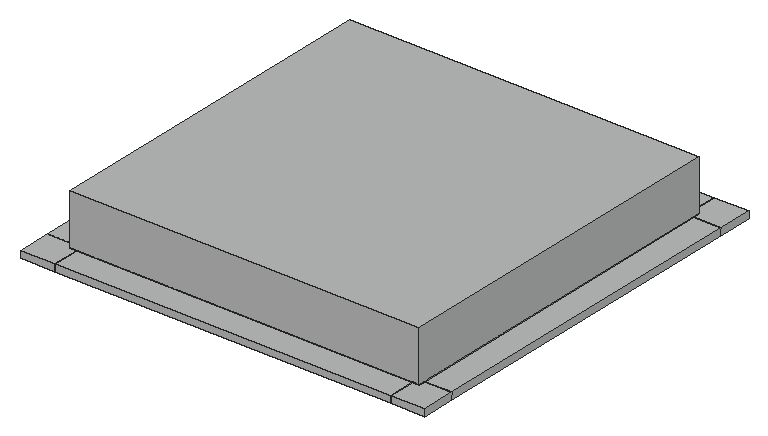
Revit family "ALUMOGIPS", category Осветительные приборы, Revit 2019 (continued)
Types (72, lengths in mm): name | Файл фотометрической сетки | built-in parameter 1150105 | Lumens | built-in parameter 1150106 | built-in parameter 1150142 | Wattage | Emit from Rectangle Width | Emit from Rectangle Length | Длина | Материал светильника | Ширина | ADSK_Ток | ADSK_Полная мощность | ADSK_Обозначение | ADSK_Номинальная мощность | ADSK_Наименование | ADSK_Масса | ADSK_Код изделия
  Alumogips-50/opal-sand 595х595 (IP54, 4000К, белый) | "Светильник ALUMOGIPS-50 OPAL-SAND-(595x595).IES" | 405.85 (stored number, unit not read) | 5100 lm | 4.0585 (stored number, unit not read) | "IESNA:LM-63-95\r\n[TEST] Протокол № 50-14\r\n[DATA] 15.06.2016\r\n[MORE] \r\n[MANUFAC] ЗАО \"Центрстройсвет\"\r\n[LUMCAT]  Светильник ALUMOGIPS-50/OPAL-SAND-(595x595)\r\n[LUMINAIRE]\r\n[LAMPCAT] Светодиоды\r\n[LAMP] Поток источника света (светодиодов) не известен\r\n[MORE] КСС приведена в абсолютных величинах кд\r\n[MORE] Вместо потока лампы, указан поток светильника.\r\nTILT=NONE\r\n1    5060 1.0 37 73 1 2 0.595 0.595 0.04\r\n1.0 1.0 50.3\r\n0.0 5.0 10.0 15.0 20.0 25.0 30.0 35.0 40.0 45.0 50.0 55.0 60.0 65.0 70.0 75.0 80.0 85.0 90.0 95.0 100.0 105.0 110.0 115.0 120.0 125.0 130.0 135.0 140.0 145.0 150.0 155.0 160.0 165.0 170.0 175.0 180.0\r\n0.0 5.0 10.0 15.0 20.0 25.0 30.0 35.0 40.0 45.0 50.0 55.0 60.0 65.0 70.0 75.0 80.0 85.0 90.0 95.0 100.0 105.0 110.0 115.0 120.0 125.0 130.0 135.0 140.0 145.0 150.0 155.0 160.0 165.0 170.0 175.0 180.0 185.0 190.0 195.0 200.0 205.0 210.0 215.0 220.0 225.0 230.0 235.0 240.0 245.0 250.0 255.0 260.0 265.0 270.0 275.0 280.0 285.0 290.0 295.0 300.0 305.0 310.0 315.0 320.0 325.0 330.0 335.0 340.0 345.0 350.0 355.0 360.0\r\n1887.5 1882.3 1843.4 1792.0 1724.0 1631.5 1531.1 1419.3 1293.7 1161.5 1026.7 886.8 740.0 595.0 455.2 319.9 194.6 81.1 4.9 0.0 0.0 0.0 0.0 0.0 0.0 0.0 0.0 0.0 0.0 0.0 0.0 0.0 0.0 0.0 0.0 0.0 0.0\r\n1887.5 1882.9 1846.0 1797.8 1725.1 1630.8 1538.9 1418.0 1289.1 1162.9 1024.5 883.4 740.5 598.7 455.8 320.4 195.7 82.0 5.0 0.0 0.0 0.0 0.0 0.0 0.0 0.0 0.0 0.0 0.0 0.0 0.0 0.0 0.0 0.0 0.0 0.0 0.0\r\n1887.5 1884.1 1849.8 1793.9 1724.1 1633.5 1538.1 1421.4 1298.2 1165.1 1027.4 885.2 742.6 599.8 457.4 322.3 197.1 83.7 5.4 0.0 0.0 0.0 0.0 0.0 0.0 0.0 0.0 0.0 0.0 0.0 0.0 0.0 0.0 0.0 0.0 0.0 0.0\r\n1887.5 1885.6 1850.0 1796.3 1725.8 1632.2 1533.7 1422.0 1295.8 1167.8 1030.8 886.1 743.6 597.9 459.5 322.2 196.9 83.7 5.4 0.0 0.0 0.0 0.0 0.0 0.0 0.0 0.0 0.0 0.0 0.0 0.0 0.0 0.0 0.0 0.0 0.0 0.0\r\n1887.5 1886.5 1849.9 1795.8 1721.4 1639.6 1534.8 1418.0 1296.4 1168.3 1027.2 886.6 744.0 600.2 457.7 323.1 197.0 84.2 5.3 0.0 0.0 0.0 0.0 0.0 0.0 0.0 0.0 0.0 0.0 0.0 0.0 0.0 0.0 0.0 0.0 0.0 0.0\r\n1887.5 1885.6 1848.0 1795.1 1728.2 1636.1 1537.7 1424.4 1296.7 1163.9 1028.1 885.4 746.1 599.2 456.9 323.0 198.1 84.6 6.1 0.0 0.0 0.0 0.0 0.0 0.0 0.0 0.0 0.0 0.0 0.0 0.0 0.0 0.0 0.0 0.0 0.0 0.0\r\n1887.5 1884.2 1849.8 1792.9 1722.3 1637.3 1537.3 1423.8 1299.0 1162.9 1028.1 889.2 746.4 599.2 458.6 325.2 198.7 85.0 6.5 0.0 0.0 0.0 0.0 0.0 0.0 0.0 0.0 0.0 0.0 0.0 0.0 0.0 0.0 0.0 0.0 0.0 0.0\r\n1887.5 1884.0 1850.9 1800.1 1725.4 1633.0 1534.3 1421.2 1294.0 1160.9 1028.3 886.0 747.4 600.7 459.7 325.6 199.2 86.0 6.2 0.0 0.0 0.0 0.0 0.0 0.0 0.0 0.0 0.0 0.0 0.0 0.0 0.0 0.0 0.0 0.0 0.0 0.0\r\n1887.5 1884.0 1850.4 1799.2 1722.9 1634.9 1528.6 1423.0 1298.2 1162.3 1032.0 888.7 743.9 600.7 461.8 326.2 199.2 86.6 6.1 0.0 0.0 0.0 0.0 0.0 0.0 0.0 0.0 0.0 0.0 0.0 0.0 0.0 0.0 0.0 0.0 0.0 0.0\r\n1887.5 1883.3 1848.8 1801.0 1723.6 1638.0 1538.5 1425.1 1297.5 1166.1 1029.5 886.1 746.3 605.4 461.8 326.3 201.2 87.0 6.2 0.0 0.0 0.0 0.0 0.0 0.0 0.0 0.0 0.0 0.0 0.0 0.0 0.0 0.0 0.0 0.0 0.0 0.0\r\n1887.5 1883.3 1850.6 1797.3 1725.8 1637.1 1533.1 1417.5 1298.3 1167.1 1027.2 888.0 746.2 603.2 463.6 327.0 201.7 88.1 6.5 0.0 0.0 0.0 0.0 0.0 0.0 0.0 0.0 0.0 0.0 0.0 0.0 0.0 0.0 0.0 0.0 0.0 0.0\r\n1887.5 1883.7 1849.0 1797.7 1720.9 1638.5 1535.3 1424.4 1299.6 1168.5 1035.4 889.6 749.8 603.4 465.3 328.4 201.8 88.8 7.0 0.0 0.0 0.0 0.0 0.0 0.0 0.0 0.0 0.0 0.0 0.0 0.0 0.0 0.0 0.0 0.0 0.0 0.0\r\n1887.5 1883.1 1852.7 1797.3 1728.6 1639.3 1538.4 1423.7 1303.2 1168.1 1029.2 892.4 748.1 605.8 464.0 329.6 202.9 89.8 7.0 0.0 0.0 0.0 0.0 0.0 0.0 0.0 0.0 0.0 0.0 0.0 0.0 0.0 0.0 0.0 0.0 0.0 0.0\r\n1887.5 1881.9 1853.7 1798.9 1724.8 1637.5 1543.5 1423.8 1299.9 1170.3 1024.3 891.2 751.8 607.8 466.0 330.6 204.5 90.0 7.3 0.0 0.0 0.0 0.0 0.0 0.0 0.0 0.0 0.0 0.0 0.0 0.0 0.0 0.0 0.0 0.0 0.0 0.0\r\n1887.5 1881.8 1854.7 1797.4 1729.6 1638.4 1538.7 1420.0 1302.3 1168.1 1034.9 892.9 749.2 609.3 467.3 330.5 205.3 90.4 7.7 0.0 0.0 0.0 0.0 0.0 0.0 0.0 0.0 0.0 0.0 0.0 0.0 0.0 0.0 0.0 0.0 0.0 0.0\r\n1887.5 1882.8 1852.5 1798.1 1725.4 1641.5 1535.9 1424.2 1305.0 1168.3 1036.9 895.1 752.7 610.0 468.0 330.8 206.4 91.1 7.9 0.0 0.0 0.0 0.0 0.0 0.0 0.0 0.0 0.0 0.0 0.0 0.0 0.0 0.0 0.0 0.0 0.0 0.0\r\n1887.5 1883.6 1853.4 1797.0 1722.9 1639.1 1537.8 1429.0 1302.2 1172.5 1035.6 896.5 751.3 608.9 469.2 331.4 207.3 92.2 8.2 0.0 0.0 0.0 0.0 0.0 0.0 0.0 0.0 0.0 0.0 0.0 0.0 0.0 0.0 0.0 0.0 0.0 0.0\r\n1887.5 1883.6 1850.7 1797.3 1726.9 1643.9 1542.2 1421.1 1302.3 1173.9 1036.7 893.3 752.7 610.7 470.3 331.8 207.5 92.8 8.4 0.0 0.0 0.0 0.0 0.0 0.0 0.0 0.0 0.0 0.0 0.0 0.0 0.0 0.0 0.0 0.0 0.0 0.0\r\n1887.5 1883.8 1850.5 1796.3 1728.7 1637.1 1539.6 1426.0 1310.2 1175.1 1036.5 895.8 754.0 609.7 469.6 332.7 208.2 93.1 8.5 0.0 0.0 0.0 0.0 0.0 0.0 0.0 0.0 0.0 0.0 0.0 0.0 0.0 0.0 0.0 0.0 0.0 0.0\r\n1887.5 1884.5 1848.7 1798.4 1728.4 1643.0 1541.1 1424.4 1306.1 1175.6 1035.2 895.7 753.2 610.0 470.1 333.6 209.0 93.8 8.7 0.0 0.0 0.0 0.0 0.0 0.0 0.0 0.0 0.0 0.0 0.0 0.0 0.0 0.0 0.0 0.0 0.0 0.0\r\n1887.5 1885.1 1846.5 1798.1 1728.3 1640.7 1538.4 1422.5 1302.2 1173.0 1035.2 900.5 754.9 610.9 470.6 333.2 208.6 94.1 8.3 0.0 0.0 0.0 0.0 0.0 0.0 0.0 0.0 0.0 0.0 0.0 0.0 0.0 0.0 0.0 0.0 0.0 0.0\r\n1887.5 1884.8 1851.0 1798.1 1730.2 1643.2 1541.6 1426.4 1303.3 1176.2 1035.7 896.2 754.5 612.8 472.6 334.1 209.1 94.5 8.3 0.0 0.0 0.0 0.0 0.0 0.0 0.0 0.0 0.0 0.0 0.0 0.0 0.0 0.0 0.0 0.0 0.0 0.0\r\n1887.5 1884.2 1851.7 1798.5 1729.5 1639.1 1536.0 1425.2 1302.7 1175.5 1036.5 898.0 758.2 612.7 468.9 335.3 208.8 94.8 9.1 0.0 0.0 0.0 0.0 0.0 0.0 0.0 0.0 0.0 0.0 0.0 0.0 0.0 0.0 0.0 0.0 0.0 0.0\r\n1887.5 1883.1 1853.9 1797.7 1724.9 1639.7 1541.8 1430.1 1304.9 1168.5 1037.8 897.4 754.1 610.4 472.0 334.6 209.1 95.3 8.8 0.0 0.0 0.0 0.0 0.0 0.0 0.0 0.0 0.0 0.0 0.0 0.0 0.0 0.0 0.0 0.0 0.0 0.0\r\n1887.5 1881.5 1850.2 1795.2 1729.7 1647.3 1540.3 1425.3 1308.1 1174.1 1040.2 896.3 755.4 612.5 470.5 335.6 209.7 95.4 8.7 0.0 0.0 0.0 0.0 0.0 0.0 0.0 0.0 0.0 0.0 0.0 0.0 0.0 0.0 0.0 0.0 0.0 0.0\r\n1887.5 1880.4 1847.4 1795.8 1726.1 1638.7 1541.7 1429.3 1302.6 1175.9 1038.5 897.9 751.3 611.6 471.1 335.6 209.6 95.3 9.2 0.0 0.0 0.0 0.0 0.0 0.0 0.0 0.0 0.0 0.0 0.0 0.0 0.0 0.0 0.0 0.0 0.0 0.0\r\n1887.5 1880.0 1850.3 1797.1 1726.4 1643.3 1536.0 1421.3 1303.6 1171.4 1038.6 895.9 755.7 612.4 470.9 336.2 208.7 95.8 9.1 0.0 0.0 0.0 0.0 0.0 0.0 0.0 0.0 0.0 0.0 0.0 0.0 0.0 0.0 0.0 0.0 0.0 0.0\r\n1887.5 1879.1 1850.7 1799.2 1725.1 1639.6 1536.4 1428.4 1302.2 1172.1 1033.4 895.3 754.1 612.8 470.7 335.5 209.1 96.7 9.0 0.0 0.0 0.0 0.0 0.0 0.0 0.0 0.0 0.0 0.0 0.0 0.0 0.0 0.0 0.0 0.0 0.0 0.0\r\n1887.5 1876.9 1845.6 1794.8 1724.8 1637.8 1537.7 1427.7 1305.4 1174.0 1036.9 896.0 755.2 613.5 471.4 337.3 209.9 96.1 9.4 0.0 0.0 0.0 0.0 0.0 0.0 0.0 0.0 0.0 0.0 0.0 0.0 0.0 0.0 0.0 0.0 0.0 0.0\r\n1887.5 1874.8 1849.0 1796.1 1725.5 1644.7 1539.3 1422.3 1296.7 1172.6 1036.6 895.8 752.9 610.2 470.9 336.1 209.8 95.5 9.5 0.0 0.0 0.0 0.0 0.0 0.0 0.0 0.0 0.0 0.0 0.0 0.0 0.0 0.0 0.0 0.0 0.0 0.0\r\n1887.5 1874.3 1850.7 1796.1 1722.3 1643.7 1535.4 1426.2 1297.3 1169.2 1033.9 896.5 756.1 608.4 469.6 336.8 208.8 95.7 9.0 0.0 0.0 0.0 0.0 0.0 0.0 0.0 0.0 0.0 0.0 0.0 0.0 0.0 0.0 0.0 0.0 0.0 0.0\r\n1887.5 1875.0 1847.6 1795.2 1726.0 1637.4 1538.8 1422.8 1302.3 1167.3 1031.4 892.2 753.9 609.3 470.2 335.4 209.4 95.6 9.2 0.0 0.0 0.0 0.0 0.0 0.0 0.0 0.0 0.0 0.0 0.0 0.0 0.0 0.0 0.0 0.0 0.0 0.0\r\n1887.5 1876.2 1846.7 1797.0 1722.9 1632.1 1531.8 1428.4 1297.9 1173.0 1032.8 893.5 750.3 609.2 468.7 334.5 208.8 95.2 9.5 0.0 0.0 0.0 0.0 0.0 0.0 0.0 0.0 0.0 0.0 0.0 0.0 0.0 0.0 0.0 0.0 0.0 0.0\r\n1887.5 1877.0 1845.0 1799.0 1728.3 1642.0 1532.1 1422.0 1297.5 1176.2 1034.8 896.4 752.7 609.9 470.0 333.7 209.6 95.2 9.1 0.0 0.0 0.0 0.0 0.0 0.0 0.0 0.0 0.0 0.0 0.0 0.0 0.0 0.0 0.0 0.0 0.0 0.0\r\n1887.5 1876.9 1842.6 1790.6 1724.9 1639.4 1536.1 1422.9 1304.1 1169.6 1035.5 895.3 751.4 609.1 469.0 332.6 209.1 95.1 9.2 0.0 0.0 0.0 0.0 0.0 0.0 0.0 0.0 0.0 0.0 0.0 0.0 0.0 0.0 0.0 0.0 0.0 0.0\r\n1887.5 1875.7 1845.4 1794.6 1719.6 1634.8 1535.6 1422.6 1301.8 1167.1 1036.6 892.0 752.3 605.8 469.0 332.7 209.1 93.9 9.3 0.0 0.0 0.0 0.0 0.0 0.0 0.0 0.0 0.0 0.0 0.0 0.0 0.0 0.0 0.0 0.0 0.0 0.0\r\n1887.5 1874.6 1846.6 1791.0 1719.4 1631.6 1534.3 1422.3 1303.5 1171.6 1032.3 893.0 750.0 606.5 467.5 330.0 206.4 92.9 8.4 0.0 0.0 0.0 0.0 0.0 0.0 0.0 0.0 0.0 0.0 0.0 0.0 0.0 0.0 0.0 0.0 0.0 0.0\r\n1887.5 1874.0 1843.1 1789.6 1720.6 1639.4 1534.3 1424.0 1300.8 1168.1 1030.2 892.1 748.2 609.2 467.1 330.4 206.0 92.1 7.9 0.0 0.0 0.0 0.0 0.0 0.0 0.0 0.0 0.0 0.0 0.0 0.0 0.0 0.0 0.0 0.0 0.0 0.0\r\n1887.5 1873.5 1842.4 1792.6 1720.8 1633.5 1535.7 1423.0 1296.8 1165.4 1028.6 890.9 749.2 606.9 466.1 329.8 204.3 90.7 7.8 0.0 0.0 0.0 0.0 0.0 0.0 0.0 0.0 0.0 0.0 0.0 0.0 0.0 0.0 0.0 0.0 0.0 0.0\r\n1887.5 1872.5 1843.5 1792.8 1719.4 1633.2 1530.8 1420.9 1295.9 1169.4 1030.4 892.0 748.4 604.3 464.0 329.4 203.7 91.1 7.3 0.0 0.0 0.0 0.0 0.0 0.0 0.0 0.0 0.0 0.0 0.0 0.0 0.0 0.0 0.0 0.0 0.0 0.0\r\n1887.5 1871.5 1840.6 1788.3 1723.9 1633.4 1533.4 1417.1 1296.6 1165.6 1026.8 888.1 749.6 603.5 465.6 328.3 203.4 90.8 6.9 0.0 0.0 0.0 0.0 0.0 0.0 0.0 0.0 0.0 0.0 0.0 0.0 0.0 0.0 0.0 0.0 0.0 0.0\r\n1887.5 1871.7 1837.5 1793.8 1715.8 1634.9 1538.0 1424.6 1298.1 1167.0 1028.0 888.7 747.9 603.5 465.2 327.9 201.8 90.2 7.0 0.0 0.0 0.0 0.0 0.0 0.0 0.0 0.0 0.0 0.0 0.0 0.0 0.0 0.0 0.0 0.0 0.0 0.0\r\n1887.5 1872.9 1840.2 1791.1 1722.4 1635.7 1532.7 1420.2 1295.0 1159.5 1029.1 888.4 746.9 600.5 462.3 328.7 201.0 90.1 6.9 0.0 0.0 0.0 0.0 0.0 0.0 0.0 0.0 0.0 0.0 0.0 0.0 0.0 0.0 0.0 0.0 0.0 0.0\r\n1887.5 1873.3 1840.5 1789.1 1721.5 1635.7 1530.6 1419.0 1297.0 1164.6 1027.8 889.2 744.1 604.1 463.3 327.1 201.1 89.2 6.4 0.0 0.0 0.0 0.0 0.0 0.0 0.0 0.0 0.0 0.0 0.0 0.0 0.0 0.0 0.0 0.0 0.0 0.0\r\n1887.5 1872.9 1835.7 1788.5 1722.3 1636.7 1534.0 1423.0 1296.7 1161.9 1026.4 886.9 745.3 601.5 461.8 326.2 200.5 88.4 6.3 0.0 0.0 0.0 0.0 0.0 0.0 0.0 0.0 0.0 0.0 0.0 0.0 0.0 0.0 0.0 0.0 0.0 0.0\r\n1887.5 1872.6 1838.3 1791.1 1724.9 1630.4 1531.8 1419.7 1295.3 1168.5 1027.5 880.9 745.5 601.1 461.5 326.5 199.4 87.5 6.3 0.0 0.0 0.0 0.0 0.0 0.0 0.0 0.0 0.0 0.0 0.0 0.0 0.0 0.0 0.0 0.0 0.0 0.0\r\n1887.5 1872.8 1840.3 1789.2 1719.5 1633.6 1532.6 1417.6 1294.5 1165.4 1020.8 885.7 745.3 602.2 460.4 324.3 199.3 87.3 6.1 0.0 0.0 0.0 0.1 0.2 0.0 0.0 0.0 0.0 0.0 0.0 0.0 0.0 0.0 0.0 0.0 0.0 0.0\r\n1887.5 1873.5 1838.6 1790.7 1722.3 1630.8 1530.5 1417.1 1295.0 1167.0 1025.9 884.6 740.9 599.5 459.4 323.2 199.3 86.7 5.7 0.0 0.0 0.0 0.2 0.4 0.0 0.0 0.0 0.0 0.0 0.0 0.0 0.0 0.0 0.0 0.0 0.0 0.0\r\n1887.5 1874.2 1837.3 1789.5 1719.1 1630.4 1533.5 1417.9 1293.0 1161.5 1026.6 886.5 743.5 600.4 460.1 323.6 198.7 86.1 5.9 0.0 0.0 0.0 0.4 0.6 0.0 0.0 0.0 0.0 0.0 0.0 0.0 0.0 0.0 0.0 0.0 0.0 0.0\r\n1887.5 1874.2 1840.2 1789.0 1715.5 1634.9 1530.0 1416.2 1292.8 1158.2 1025.3 884.7 740.5 599.4 458.3 323.4 197.9 85.3 5.9 0.0 0.0 0.0 0.4 0.9 0.0 0.0 0.0 0.0 0.1 0.0 0.0 0.0 0.0 0.0 0.0 0.0 0.0\r\n1887.5 1873.3 1839.1 1789.1 1718.1 1638.7 1537.0 1412.2 1291.9 1164.4 1026.0 883.3 742.8 598.7 456.7 321.5 197.8 84.6 5.7 0.0 0.0 0.0 0.2 0.8 0.0 0.0 0.0 0.0 0.1 0.0 0.0 0.0 0.0 0.0 0.0 0.0 0.0\r\n1887.5 1872.3 1839.4 1787.8 1714.0 1633.5 1527.1 1417.7 1293.5 1164.9 1025.5 883.9 738.3 599.4 457.0 320.6 197.3 83.5 5.9 0.0 0.0 0.0 0.0 0.1 0.2 0.0 0.0 0.0 0.1 0.0 0.0 0.0 0.0 0.0 0.0 0.0 0.0\r\n1887.5 1871.5 1840.6 1789.0 1716.8 1627.7 1530.9 1417.4 1291.4 1158.2 1021.7 888.3 739.3 596.4 457.7 320.6 196.6 83.1 5.8 0.0 0.0 0.0 0.0 0.0 0.0 0.0 0.0 0.0 0.1 0.0 0.0 0.0 0.0 0.0 0.0 0.0 0.0\r\n1887.5 1871.2 1839.5 1788.7 1714.7 1630.8 1533.3 1417.2 1290.6 1154.1 1021.7 884.9 739.3 596.6 457.4 319.4 195.8 83.0 5.3 0.0 0.0 0.0 0.0 0.0 0.0 0.0 0.0 0.0 0.1 0.0 0.0 0.0 0.0 0.0 0.0 0.0 0.0\r\n1887.5 1871.6 1839.7 1787.9 1720.6 1630.8 1533.9 1416.2 1290.9 1158.9 1021.9 880.6 741.2 596.3 457.0 320.0 195.2 82.5 4.7 0.0 0.0 0.0 0.0 0.0 0.0 0.0 0.0 0.0 0.1 0.0 0.0 0.0 0.0 0.0 0.0 0.0 0.0\r\n1887.5 1872.3 1838.1 1789.3 1712.9 1625.9 1525.4 1417.2 1291.8 1157.6 1020.0 883.4 740.0 594.9 454.8 318.6 194.2 81.9 4.7 0.0 0.0 0.0 0.0 0.0 0.0 0.0 0.0 0.0 0.1 0.0 0.0 0.0 0.0 0.0 0.0 0.0 0.0\r\n1887.5 1872.7 1839.6 1789.3 1718.6 1629.9 1525.5 1419.8 1293.5 1154.0 1020.1 878.8 736.9 593.7 456.1 318.4 193.6 81.4 4.3 0.0 0.0 0.0 0.0 0.0 0.0 0.0 0.0 0.0 0.1 0.0 0.0 0.0 0.0 0.0 0.0 0.0 0.0\r\n1887.5 1873.0 1840.9 1790.2 1716.4 1630.3 1526.9 1414.6 1285.9 1157.6 1025.3 882.6 736.3 594.0 453.5 317.4 193.8 80.8 3.8 0.0 0.0 0.0 0.0 0.0 0.0 0.0 0.0 0.0 0.1 0.0 0.0 0.0 0.0 0.0 0.0 0.0 0.0\r\n1887.5 1873.5 1841.2 1787.5 1718.4 1634.0 1528.6 1409.6 1285.8 1155.5 1025.3 876.4 735.1 594.3 453.7 316.4 192.5 80.5 4.0 0.0 0.0 0.0 0.0 0.0 0.0 0.0 0.0 0.0 0.1 0.0 0.0 0.0 0.0 0.0 0.0 0.0 0.0\r\n1887.5 1873.9 1841.6 1790.0 1717.7 1629.1 1528.0 1409.8 1288.0 1151.6 1019.8 875.9 736.5 592.3 451.8 318.0 191.7 80.2 4.0 0.0 0.0 0.0 0.0 0.0 0.0 0.0 0.0 0.0 0.0 0.0 0.0 0.0 0.0 0.0 0.0 0.0 0.0\r\n1887.5 1874.1 1841.0 1789.7 1717.2 1630.1 1529.9 1419.7 1290.4 1156.3 1022.8 880.3 733.7 593.5 452.4 316.0 191.3 79.4 3.9 0.0 0.0 0.0 0.0 0.0 0.0 0.0 0.0 0.0 0.0 0.0 0.0 0.0 0.0 0.0 0.0 0.0 0.0\r\n1887.5 1874.1 1840.2 1785.0 1714.5 1629.4 1527.7 1411.7 1290.1 1153.6 1017.8 879.3 733.8 592.9 451.3 315.7 191.7 79.2 4.4 0.0 0.0 0.0 0.0 0.0 0.0 0.0 0.0 0.0 0.0 0.0 0.0 0.0 0.0 0.0 0.0 0.0 0.0\r\n1887.5 1873.8 1839.2 1790.0 1722.6 1631.3 1526.9 1414.1 1288.6 1158.0 1021.7 880.4 735.8 589.7 453.5 315.5 191.2 78.9 4.5 0.0 0.0 0.0 0.0 0.0 0.0 0.0 0.0 0.0 0.0 0.0 0.0 0.0 0.0 0.0 0.0 0.0 0.0\r\n1887.5 1874.4 1838.4 1789.0 1718.1 1628.9 1522.6 1413.3 1284.8 1161.1 1020.5 878.5 734.8 593.7 450.4 316.4 190.5 79.1 4.3 0.0 0.0 0.0 0.0 0.0 0.0 0.0 0.0 0.0 0.0 0.0 0.0 0.0 0.0 0.0 0.0 0.0 0.0\r\n1887.5 1876.6 1839.3 1788.5 1718.4 1632.2 1524.7 1416.3 1290.0 1154.1 1020.6 876.5 736.6 594.2 448.6 316.5 189.8 78.5 4.1 0.0 0.0 0.0 0.0 0.0 0.0 0.0 0.0 0.0 0.0 0.0 0.0 0.0 0.0 0.0 0.0 0.0 0.0\r\n1887.5 1878.7 1842.1 1786.9 1714.7 1629.1 1527.4 1410.5 1293.4 1160.9 1018.3 878.4 735.0 594.0 451.4 313.5 190.7 78.3 3.7 0.0 0.0 0.0 0.0 0.0 0.0 0.0 0.0 0.0 0.0 0.0 0.0 0.0 0.0 0.0 0.0 0.0 0.0\r\n1887.5 1879.5 1841.9 1788.6 1717.1 1632.6 1529.5 1414.0 1286.1 1155.2 1023.1 878.2 734.9 591.7 452.9 315.4 190.4 78.3 3.4 0.0 0.0 0.0 0.0 0.0 0.0 0.0 0.0 0.0 0.0 0.0 0.0 0.0 0.0 0.0 0.0 0.0 0.0\r\n1887.5 1879.6 1839.7 1792.9 1715.8 1629.7 1529.6 1414.5 1293.2 1154.7 1019.1 880.1 734.7 589.5 450.3 315.4 190.2 78.5 3.7 0.0 0.0 0.0 0.0 0.0 0.0 0.0 0.0 0.0 0.0 0.0 0.0 0.0 0.0 0.0 0.0 0.0 0.0\r\n1887.5 1880.2 1841.8 1793.1 1721.7 1625.7 1529.1 1413.3 1291.5 1156.5 1017.9 882.6 737.0 593.8 452.9 315.8 189.7 78.7 3.6 0.0 0.0 0.0 0.0 0.0 0.0 0.0 0.0 0.0 0.0 0.0 0.0 0.0 0.0 0.0 0.0 0.0 0.0\r\n1887.5 1881.1 1842.4 1785.9 1716.3 1632.5 1528.4 1410.2 1289.5 1156.3 1018.9 875.2 736.4 595.3 452.5 315.3 191.0 79.0 3.5 0.0 0.0 0.0 0.0 0.0 0.0 0.0 0.0 0.0 0.0 0.0 0.0 0.0 0.0 0.0 0.0 0.0 0.0\r\n1887.5 1881.7 1845.0 1794.4 1714.9 1633.8 1528.0 1412.9 1290.1 1152.0 1023.1 875.3 736.1 593.0 453.1 316.0 191.8 79.6 3.9 0.0 0.0 0.0 0.0 0.0 0.0 0.0 0.0 0.0 0.0 0.0 0.0 0.0 0.0 0.0 0.0 0.0 0.0\r\n1887.5 1882.0 1844.3 1789.1 1721.3 1636.2 1528.4 1415.3 1289.9 1160.9 1019.9 882.0 736.6 593.6 453.1 317.2 192.7 80.3 4.5 0.0 0.0 0.0 0.0 0.0 0.0 0.0 0.0 0.0 0.0 0.0 0.0 0.0 0.0 0.0 0.0 0.0 0.0\r\n1887.5 1882.3 1843.4 1792.0 1724.0 1631.5 1531.1 1419.3 1293.7 1161.5 1026.7 886.8 740.0 595.0 455.2 319.9 194.6 81.1 4.9 0.0 0.0 0.0 0.0 0.0 0.0 0.0 0.0 0.0 0.0 0.0 0.0 0.0 0.0 0.0 0.0 0.0 0.0\r\n" | 34.3337 W | 575 | 575 | 595 | RAL 9001 | 595 | 0.236295 A | 54.3478 VA | "Alumogips-50/opal-sand 595х595 (IP54, 4000К, белый)" | 50 W | "Встраиваемый светодиодный
     светильник Alumogips-50/opal-sand 595х595 (IP54, 4000К, белый)" | 2.5 | "ЦБ000007362"
